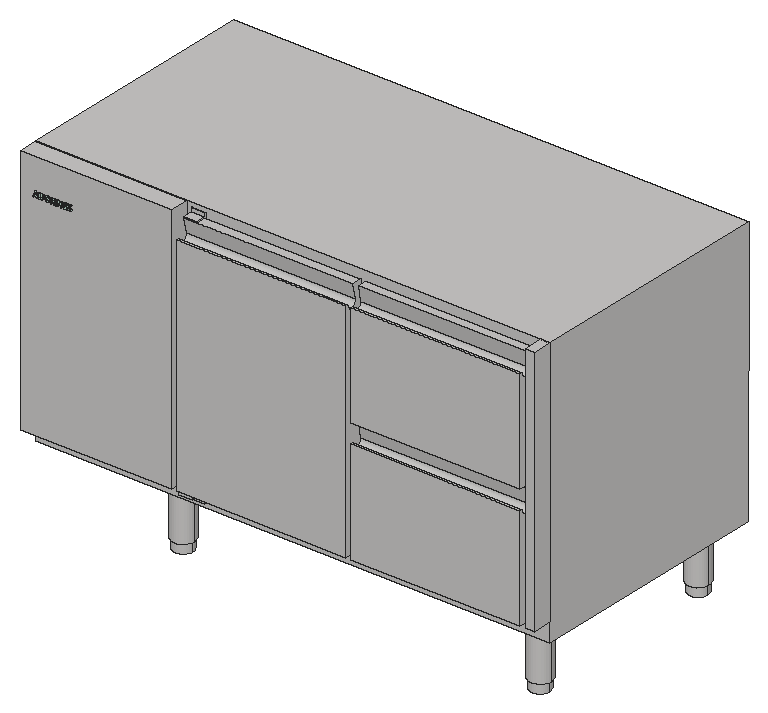
Revit family "QF_ALPENINOX_712197_AK2F7AB", category Specialty Equipment, Revit 2018
Family settings
  Round Connector Dimension = Use Diameter
  Part Type = Normal
  Work Plane-Based = No
  Always vertical = Yes
  Cut with Voids When Loaded = No
  Shared = No
  Room Calculation Point = No
Parameters
  Weight = 0.00 kg
  Watts = 45.5225 W
  Volts = 220 V
  URL Manufacturer = "http://www.alpeninox.com"
  URL = "http://www.alpeninox.com"
  Steam Supply Size = 0 mm
  Steam Supply Minimum Pressure = 0.0 Pa
  Steam Supply Maximum Pressure = 0.0 Pa
  Steam Pounds per Hour = 0
  Refrigeration Suction Line Size = 0 mm
  Refrigeration Liquid Line Size = 0 mm
  Refrigerant Compressor Remote = yes
  Manufacturer = "Alpeninox"
  Phase = 1
  Model = "AK2F7AB"
  Length Actual = 1341 mm  # constant formula
  Length = 1341 mm
  Item Number = "712197"
  Hot Water Size = 0 mm
  Height Actual = 850 mm  # constant formula
  Height = 700 mm
  HP = "0.7 HP"
  Gas Size = 0 mm
  Gas KW = 0
  Gas Input Pressure = 0 W
  Depth Actual = 700 mm  # constant formula
  Depth = 695 mm
  Description = "1 DOOR+2x½ DRAWER FREEZER TABLE -20C NO TOP"
  Cycle = 50 Hz
  Condensate Return Size = 0 mm
  Compressed Air Volume = 0.0 L/s
  Compressed Air Size = 0 mm
  Compressed Air Pressure = 0.0 Pa
  Cold Water Size = 0 mm
  Accessory = yes
Reference planes
  plane 1: z = 0
  plane 2 "Center (Left/Right)": x = -126.5
  plane 3 "Center (Front/Back)": y = 64.5
  plane 4 "FEET": z = 150
  plane 5 "TOP": z = 900
  plane 6 "PLAIN": z = 850
  plane 7 "EI_back": y = 359
  plane 8 "EI_left": x = -731
  plane 9 "BACK": y = 412
  plane 10 "FRONT": y = -283
  plane 11 "DOOR": y = -233
  plane 12 "LEFT": x = -797
  plane 13 "RIGHT": x = 544
  plane 14: x = -772
  plane 15: x = 519
Forms (mm)
  Extrusion 1, solid, material "QF_Finishes_Stainless Steel"
    sketch origin (-1022.223, -1524, 150) x (-1, 0, 0) y (0, -1, 0)
      loop
        circle (-291.223, -1883) r 5
    from 0 to -40
  Extrusion 2, solid, material "QF_Finishes_Stainless Steel"
    sketch origin (-1022.223, -1524, 150) x (-1, 0, 0) y (0, -1, 0)
      loop
        line (-1541.223, -1291) -> (-1541.223, -1241) -> (-1566.223, -1241) -> (-1566.223, -1291) -> (-1541.223, -1291)
    from 48 to 700 <- "Height"
  Extrusion 3, solid, material "QF_Finishes_Stainless Steel"
    sketch origin (-1022.223, -1524, 150) x (-1, 0, 0) y (0, -1, 0)
      loop
        line (-225.223, -1936) -> (-225.223, -1291) -> (-1566.223, -1291) -> (-1566.223, -1936) -> (-225.223, -1936)
    from 0 to 700 <- "Height"
Lines and regions (mm)
  symbolic lines, style "SpecialityEquipmentHiddenLines"
    curve 1: line (-797, 412, 150) -> (544, 412, 150)
    curve 2: line (-797, -283, 150) -> (-797, 412, 150)
    curve 3: line (544, -283, 150) -> (-797, -283, 150)
    curve 4: line (544, 412, 150) -> (544, -283, 150)
    curve 5: line (-797, -233, 150) -> (544, -233, 150)
    curve 6: line (519, -283, 150) -> (519, -233, 150)
Dimensions and locks
  plane 4 "FEET" to level = 150 mm
  plane 11 "DOOR" to plane 10 "FRONT" = 50 mm
  "Height": plane 6 "PLAIN" to plane 4 "FEET"
  plane 5 "TOP" to plane 6 "PLAIN" = 50 mm
  plane 12 "LEFT" to plane 14 = 25 mm
  plane 15 to plane 13 "RIGHT" = 25 mm
  plane 9 "BACK" to plane 7 "EI_back" = 53 mm
  plane 12 "LEFT" to plane 8 "EI_left" = 66 mm
  "Length": plane 12 "LEFT" to plane 13 "RIGHT"
  equal spacing: plane 12 "LEFT", plane 2 "Center (Left/Right)", plane 13 "RIGHT"
  "Depth": plane 9 "BACK" to plane 10 "FRONT"
  equal spacing: plane 9 "BACK", plane 3 "Center (Front/Back)", plane 10 "FRONT"
  aligned and locked: level to plane 1
Automatic sketch dimensions
  Extrusion 1 sketch curve to plane 7 "EI_back" = 0 mm
  Extrusion 1 sketch curve to plane 8 "EI_left" = 0 mm
  Extrusion 2 sketch curve to plane 11 "DOOR" = 0 mm
  Extrusion 2 sketch curve to plane 13 "RIGHT" = 0 mm
  Extrusion 2 sketch curve to plane 10 "FRONT" = 0 mm
  Extrusion 2 sketch curve to plane 15 = 0 mm
  Extrusion 3 sketch curve to plane 9 "BACK" = 0 mm
  Extrusion 3 sketch curve to plane 13 "RIGHT" = 0 mm
  Extrusion 3 sketch curve to plane 11 "DOOR" = 0 mm
  Extrusion 3 sketch curve to plane 12 "LEFT" = 0 mm
  curve 1 to plane 13 "RIGHT" = 0 mm
  curve 6 to plane 10 "FRONT" = 0 mm
  curve 6 to plane 15 = 0 mm
  curve 5 to plane 12 "LEFT" = 0 mm
  curve 6 to plane 11 "DOOR" = 0 mm
  curve 1 to plane 9 "BACK" = 0 mm
  radius of Extrusion 1 sketch curve = 5 mm
Nested families
  nested 1: "Freezer" at (544, -283, 0), type "Freezer"
  nested 2: "FEET" at (-452, 331, 0), type "FEET"
  nested 3: "FEET" at (478, 331, 0), type "FEET"
  nested 4: "FEET" at (-452, -183, 0), type "FEET"
  nested 5: "FEET" at (478, -183, 0), type "FEET"
  nested 6: "APX_BI_BT_L" at (-590.08, -233, 598) x (1, 0, 0) z (0, -1, 0), type "APX_BI_BT_L"
    with Show Logo yes
  nested 7: "APX_SD_L" at (-169, -233, 512) x (1, 0, 0) z (0, -1, 0), type "APX_SD_L"
    with Show Clearance yes
  nested 8: "APX_HALF" at (285, -233, 512) x (1, 0, 0) z (0, -1, 0), type "APX_HALF"
    with Show Clearance yes
Connectors
  electrical at (-731, 359, 110), driven by "Volts"
    settings: on Extrusion 1, index 1, voltage 220 V, apparent load 0 VA, apparent load phase1 0 VA, apparent load phase2 0 VA, apparent load phase3 0 VA, power factor 1, load classification "Other", number of poles 1, system type 31, power factor state 1, is connector primary yes, connector utility no, sub classification motor no, connector description "Electrical Connection"
Definition of nested family "FEET"
  Parameters
    FEET = 150 mm
  Reference planes
    plane 1 "Center (Front/Back)": y = 0
    plane 2: z = 0
    plane 3 "Center (Left/Right)": x = 0
    plane 4: z = 150
  Forms (mm)
    Revolve 1, solid
      sketch origin (255.05, 0, 608.09) x (0, 0, 1) y (-1, 0, 0)
        loop
          line (-608.09, 255.05) -> (-608.09, 230.05) -> (-583.09, 230.05) -> (-583.09, 226.05) -> (-458.09, 226.05) -> (-458.09, 255.05) -> (-608.09, 255.05)
        axis (-608.09, 255.05) -> (-458.09, 255.05)
      angle from 0 to 360
  Dimensions and locks
    locked: Revolve 1 sketch curve to Revolve 1 sketch curve at 125
    "FEET": plane 4 to plane 2
    aligned and locked: level to plane 2
    aligned and locked: plane 4 to Revolve 1 sketch curve
    aligned and locked: Revolve 1 sketch curve to level
    aligned and locked: plane 3 "Center (Left/Right)" to Revolve 1 sketch curve
  Automatic sketch dimensions
    Revolve 1 sketch curve to plane 3 "Center (Left/Right)" = 0 mm
    Revolve 1 sketch curve to Revolve 1 sketch curve = 25 mm
    Revolve 1 sketch curve to Revolve 1 sketch curve = 29 mm
    plane 4 to Revolve 1 sketch curve = 50 mm
    Revolve 1 sketch curve to Revolve 1 sketch curve = 20 mm
Definition of nested family "APX_BI_BT_L"
  Parameters
    Show Logo [instance] = yes
    Default Elevation = 1219.2 mm
  Reference planes
    plane 1 "Center (Front/Back)": y = -74
    plane 2: z = 0
    plane 3 "Center (Left/Right)": x = -9.92
    plane 4: x = -206.92
    plane 5: x = 187.08
    plane 6: y = 252
    plane 7: y = -400
  Forms (mm)
    Extrusion 1, solid
      sketch origin (0, 0, 0) x (1, 0, 0) y (0, 1, 0)
        loop
          line (-1219.2, 1219.2) -> (-1219.2, -1219.2) -> (1219.2, -1219.2) -> (1219.2, 1219.2) -> (-1219.2, 1219.2)
      from 0 to -304.8
    Extrusion 2, solid
      sketch origin (0, 0, 0) x (1, 0, 0) y (0, 1, 0)
        loop
          line (-206.92, 252) -> (-206.92, -400) -> (187.08, -400) -> (187.08, 252) -> (-206.92, 252)
      from 0 to 50
    Extrusion 3, solid, not visible
      sketch origin (0, 0, 0) x (1, 0, 0) y (0, 1, 0)
        loop
          line (-206.92, 252) -> (-206.92, -400) -> (87.08, -400) -> (87.08, 252) -> (-206.92, 252)
      from 0 to 50
    Extrusion 4, solid
      sketch origin (0, -0.336, 0) x (1, 0, 0) y (0, 1, 0)
        loop
          line (-168.675, 170.349) -> (-172.411, 160.318)
          arc (-172.411, 160.318) -> (-171.624, 158.497) -> (-169.837, 159.36) r 1.374
          line (-169.837, 159.36) -> (-169.268, 161.111) -> (-164.1, 161.111) -> (-163.54, 159.379)
          arc (-163.54, 159.379) -> (-161.802, 158.542) -> (-161.049, 160.318) r 1.333
          line (-161.049, 160.318) -> (-164.694, 170.349)
          arc (-164.694, 170.349) -> (-166.685, 171.876) -> (-168.675, 170.349) r 2.06
        loop
          line (-166.681, 169.055) -> (-168.469, 163.655) -> (-164.935, 163.655) -> (-166.681, 169.055)
        loop
          arc (-159.705, 160.042) -> (-159.262, 158.973) -> (-158.194, 158.531) r 1.512
          line (-158.194, 158.531) -> (-153.608, 158.531)
          arc (-153.608, 158.531) -> (-152.337, 159.802) -> (-153.608, 161.074) r 1.272
          line (-153.608, 161.074) -> (-156.917, 161.074) -> (-156.917, 170.328)
          arc (-156.917, 170.328) -> (-158.311, 171.722) -> (-159.705, 170.328) r 1.394
          line (-159.705, 170.328) -> (-159.705, 160.042)
        loop
          line (-151.076, 170.218) -> (-151.076, 159.859)
          arc (-151.076, 159.859) -> (-149.683, 158.466) -> (-148.29, 159.859) r 1.393
          line (-148.29, 159.859) -> (-148.29, 162.882) -> (-146.225, 162.882)
          arc (-146.225, 162.882) -> (-142.999, 163.859) -> (-141.608, 166.928) r 4.082
          arc (-141.608, 166.928) -> (-142.993, 170.272) -> (-146.336, 171.657) r 4.728
          line (-146.336, 171.657) -> (-149.638, 171.657)
          arc (-149.638, 171.657) -> (-150.655, 171.235) -> (-151.076, 170.218) r 1.439
        loop
          line (-148.29, 165.313) -> (-146.388, 165.313)
          arc (-146.388, 165.313) -> (-144.433, 167.268) -> (-146.388, 169.222) r 1.955
          line (-146.388, 169.222) -> (-148.29, 169.222) -> (-148.29, 165.313)
        loop
          arc (-131.184, 166.332) -> (-132.004, 168.2) -> (-133.767, 169.228) r 3.3
          arc (-133.767, 169.228) -> (-136.353, 168.661) -> (-137.611, 166.332) r 3.176
          line (-137.611, 166.332) -> (-131.184, 166.332)
        loop
          line (-137.538, 163.743) -> (-130.544, 163.743)
          arc (-130.544, 163.743) -> (-129.292, 163.916) -> (-128.301, 164.701) r 2.4
          arc (-128.301, 164.701) -> (-128.155, 165.545) -> (-128.212, 166.399) r 3.635
          arc (-128.212, 166.399) -> (-130.364, 170.162) -> (-134.39, 171.769) r 6.579
          arc (-134.39, 171.769) -> (-138.918, 169.706) -> (-140.661, 165.044) r 6.501
          arc (-140.661, 165.044) -> (-139.276, 160.789) -> (-135.401, 158.549) r 6.252
          arc (-135.401, 158.549) -> (-132.922, 158.526) -> (-130.544, 159.232) r 8.361
          arc (-130.544, 159.232) -> (-129.466, 159.781) -> (-128.641, 160.666) r 3.486
          arc (-128.641, 160.666) -> (-128.419, 161.592) -> (-128.828, 162.451) r 1.425
          arc (-128.828, 162.451) -> (-129.368, 162.762) -> (-129.99, 162.762) r 1.203
          arc (-129.99, 162.762) -> (-130.406, 162.59) -> (-130.764, 162.316) r 1.724
          arc (-130.764, 162.316) -> (-131.666, 161.705) -> (-132.646, 161.229) r 7.6
          arc (-132.646, 161.229) -> (-135.676, 161.35) -> (-137.538, 163.743) r 3.6
        loop
          line (-126.669, 170.328) -> (-126.669, 159.859)
          arc (-126.669, 159.859) -> (-125.273, 158.463) -> (-123.878, 159.859) r 1.396
          line (-123.878, 159.859) -> (-123.878, 166.785) -> (-117.946, 159.029)
          arc (-117.946, 159.029) -> (-116.361, 158.51) -> (-115.379, 159.859) r 1.417
          line (-115.379, 159.859) -> (-115.379, 170.328)
          arc (-115.379, 170.328) -> (-116.774, 171.723) -> (-118.169, 170.328) r 1.395
          line (-118.169, 170.328) -> (-118.169, 163.311) -> (-124.101, 171.157)
          arc (-124.101, 171.157) -> (-125.687, 171.678) -> (-126.669, 170.328) r 1.418
        loop
          arc (-113.636, 159.859) -> (-112.241, 158.464) -> (-110.847, 159.859) r 1.394
          line (-110.847, 159.859) -> (-110.847, 170.328)
          arc (-110.847, 170.328) -> (-112.241, 171.723) -> (-113.636, 170.328) r 1.394
          line (-113.636, 170.328) -> (-113.636, 159.859)
        loop
          line (-109.102, 170.328) -> (-109.102, 159.859)
          arc (-109.102, 159.859) -> (-107.706, 158.463) -> (-106.31, 159.859) r 1.396
          line (-106.31, 159.859) -> (-106.31, 166.785) -> (-100.378, 159.029)
          arc (-100.378, 159.029) -> (-98.793, 158.51) -> (-97.812, 159.859) r 1.417
          line (-97.812, 159.859) -> (-97.812, 170.328)
          arc (-97.812, 170.328) -> (-99.207, 171.723) -> (-100.602, 170.328) r 1.395
          line (-100.602, 170.328) -> (-100.602, 163.311) -> (-106.533, 171.157)
          arc (-106.533, 171.157) -> (-108.119, 171.678) -> (-109.102, 170.328) r 1.418
        loop
          arc (-96.345, 165.093) -> (-95.619, 161.877) -> (-93.467, 159.379) r 6.806
          arc (-93.467, 159.379) -> (-91.792, 158.566) -> (-89.948, 158.31) r 5.956
          arc (-89.948, 158.31) -> (-88.104, 158.566) -> (-86.43, 159.379) r 5.956
          arc (-86.43, 159.379) -> (-84.277, 161.877) -> (-83.551, 165.093) r 6.806
          arc (-83.551, 165.093) -> (-84.277, 168.31) -> (-86.43, 170.808) r 6.806
          arc (-86.43, 170.808) -> (-88.104, 171.621) -> (-89.948, 171.877) r 5.956
          arc (-89.948, 171.877) -> (-91.792, 171.621) -> (-93.467, 170.808) r 5.956
          arc (-93.467, 170.808) -> (-95.619, 168.31) -> (-96.345, 165.093) r 6.806
        loop
          arc (-93.425, 165.093) -> (-93.138, 163.212) -> (-92.081, 161.629) r 4.387
          arc (-92.081, 161.629) -> (-91.087, 161.049) -> (-89.948, 160.881) r 3.035
          arc (-89.948, 160.881) -> (-88.809, 161.049) -> (-87.815, 161.629) r 3.035
          arc (-87.815, 161.629) -> (-86.759, 163.212) -> (-86.472, 165.093) r 4.387
          arc (-86.472, 165.093) -> (-86.759, 166.975) -> (-87.815, 168.558) r 4.387
          arc (-87.815, 168.558) -> (-88.809, 169.138) -> (-89.948, 169.306) r 3.035
          arc (-89.948, 169.306) -> (-91.087, 169.138) -> (-92.081, 168.558) r 3.035
          arc (-92.081, 168.558) -> (-93.138, 166.975) -> (-93.425, 165.093) r 4.387
        loop
          line (-83.139, 169.609) -> (-80.126, 165.552) -> (-83.81, 160.652)
          arc (-83.81, 160.652) -> (-83.512, 158.692) -> (-81.559, 159.029) r 1.388
          line (-81.559, 159.029) -> (-78.51, 163.232) -> (-75.461, 159.029)
          arc (-75.461, 159.029) -> (-73.507, 158.692) -> (-73.21, 160.652) r 1.388
          line (-73.21, 160.652) -> (-76.894, 165.552) -> (-73.881, 169.609)
          arc (-73.881, 169.609) -> (-74.249, 171.597) -> (-76.205, 171.084) r 1.38
          line (-76.205, 171.084) -> (-78.51, 167.841) -> (-80.815, 171.084)
          arc (-80.815, 171.084) -> (-82.771, 171.597) -> (-83.139, 169.609) r 1.38
      from 50 to 51.6
  Lines and regions (mm)
    Split face 1
      outline origin (-138, 0, 50) x (1, 0, 0) y (0, 1, 0)
        loop
          line (94.58, 177) -> (94.58, 154) -> (164.58, 154) -> (164.58, 177) -> (94.58, 177)
    Split face 2
      outline origin (-138, 0, 50) x (1, 0, 0) y (0, 1, 0)
        loop
          line (144.58, 174) -> (144.58, 157) -> (161.58, 157) -> (161.58, 174) -> (144.58, 174)
    Split face 3
      outline origin (0, 0, 50) x (1, 0, 0) y (0, 1, 0)
        loop
          line (-206.92, 188) -> (187.08, 188)
    Split face 4
      outline origin (-5, 0, 50) x (1, 0, 0) y (0, 1, 0)
        loop
          arc (-163.464, 131.824) -> (-167.464, 127.824) -> (-163.464, 123.824) r 4
          line (-163.464, 123.824) -> (-121.464, 123.824)
          arc (-121.464, 123.824) -> (-117.464, 127.824) -> (-121.464, 131.824) r 4
          line (-121.464, 131.824) -> (-163.464, 131.824)
    Split face 5
      outline origin (325, 0, 50) x (1, 0, 0) y (0, 1, 0)
        loop
          arc (-328.464, 131.824) -> (-332.464, 127.824) -> (-328.464, 123.824) r 4
          line (-328.464, 123.824) -> (-286.464, 123.824)
          arc (-286.464, 123.824) -> (-282.464, 127.824) -> (-286.464, 131.824) r 4
          line (-286.464, 131.824) -> (-328.464, 131.824)
    Split face 6
      outline origin (105, 0, 50) x (1, 0, 0) y (0, 1, 0)
        loop
          arc (-218.464, 131.824) -> (-222.464, 127.824) -> (-218.464, 123.824) r 4
          line (-218.464, 123.824) -> (-176.464, 123.824)
          arc (-176.464, 123.824) -> (-172.464, 127.824) -> (-176.464, 131.824) r 4
          line (-176.464, 131.824) -> (-218.464, 131.824)
    Split face 7
      outline origin (215, 0, 50) x (1, 0, 0) y (0, 1, 0)
        loop
          arc (-273.464, 131.824) -> (-277.464, 127.824) -> (-273.464, 123.824) r 4
          line (-273.464, 123.824) -> (-231.464, 123.824)
          arc (-231.464, 123.824) -> (-227.464, 127.824) -> (-231.464, 131.824) r 4
          line (-231.464, 131.824) -> (-273.464, 131.824)
    Split face 8, not visible
      outline origin (0, 0, 50) x (1, 0, 0) y (0, 1, 0)
        loop
          arc (-163.464, 131.824) -> (-167.464, 127.824) -> (-163.464, 123.824) r 4
          line (-163.464, 123.824) -> (-121.464, 123.824)
          arc (-121.464, 123.824) -> (-117.464, 127.824) -> (-121.464, 131.824) r 4
          line (-121.464, 131.824) -> (-163.464, 131.824)
    Split face 9
      outline origin (-5, -24, 50) x (1, 0, 0) y (0, 1, 0)
        loop
          arc (-163.464, 143.824) -> (-167.464, 139.824) -> (-163.464, 135.824) r 4
          line (-163.464, 135.824) -> (-121.464, 135.824)
          arc (-121.464, 135.824) -> (-117.464, 139.824) -> (-121.464, 143.824) r 4
          line (-121.464, 143.824) -> (-163.464, 143.824)
    Split face 10
      outline origin (325, -24, 50) x (1, 0, 0) y (0, 1, 0)
        loop
          arc (-328.464, 143.824) -> (-332.464, 139.824) -> (-328.464, 135.824) r 4
          line (-328.464, 135.824) -> (-286.464, 135.824)
          arc (-286.464, 135.824) -> (-282.464, 139.824) -> (-286.464, 143.824) r 4
          line (-286.464, 143.824) -> (-328.464, 143.824)
    Split face 11
      outline origin (105, -24, 50) x (1, 0, 0) y (0, 1, 0)
        loop
          arc (-218.464, 143.824) -> (-222.464, 139.824) -> (-218.464, 135.824) r 4
          line (-218.464, 135.824) -> (-176.464, 135.824)
          arc (-176.464, 135.824) -> (-172.464, 139.824) -> (-176.464, 143.824) r 4
          line (-176.464, 143.824) -> (-218.464, 143.824)
    Split face 12
      outline origin (215, -24, 50) x (1, 0, 0) y (0, 1, 0)
        loop
          arc (-273.464, 143.824) -> (-277.464, 139.824) -> (-273.464, 135.824) r 4
          line (-273.464, 135.824) -> (-231.464, 135.824)
          arc (-231.464, 135.824) -> (-227.464, 139.824) -> (-231.464, 143.824) r 4
          line (-231.464, 143.824) -> (-273.464, 143.824)
    Split face 13
      outline origin (-5, -48, 50) x (1, 0, 0) y (0, 1, 0)
        loop
          arc (-163.464, 155.824) -> (-167.464, 151.824) -> (-163.464, 147.824) r 4
          line (-163.464, 147.824) -> (-121.464, 147.824)
          arc (-121.464, 147.824) -> (-117.464, 151.824) -> (-121.464, 155.824) r 4
          line (-121.464, 155.824) -> (-163.464, 155.824)
    Split face 14
      outline origin (325, -48, 50) x (1, 0, 0) y (0, 1, 0)
        loop
          arc (-328.464, 155.824) -> (-332.464, 151.824) -> (-328.464, 147.824) r 4
          line (-328.464, 147.824) -> (-286.464, 147.824)
          arc (-286.464, 147.824) -> (-282.464, 151.824) -> (-286.464, 155.824) r 4
          line (-286.464, 155.824) -> (-328.464, 155.824)
    Split face 15
      outline origin (105, -48, 50) x (1, 0, 0) y (0, 1, 0)
        loop
          arc (-218.464, 155.824) -> (-222.464, 151.824) -> (-218.464, 147.824) r 4
          line (-218.464, 147.824) -> (-176.464, 147.824)
          arc (-176.464, 147.824) -> (-172.464, 151.824) -> (-176.464, 155.824) r 4
          line (-176.464, 155.824) -> (-218.464, 155.824)
    Split face 16
      outline origin (215, -48, 50) x (1, 0, 0) y (0, 1, 0)
        loop
          arc (-273.464, 155.824) -> (-277.464, 151.824) -> (-273.464, 147.824) r 4
          line (-273.464, 147.824) -> (-231.464, 147.824)
          arc (-231.464, 147.824) -> (-227.464, 151.824) -> (-231.464, 155.824) r 4
          line (-231.464, 155.824) -> (-273.464, 155.824)
    Split face 17
      outline origin (-5, -72, 50) x (1, 0, 0) y (0, 1, 0)
        loop
          arc (-163.464, 167.824) -> (-167.464, 163.824) -> (-163.464, 159.824) r 4
          line (-163.464, 159.824) -> (-121.464, 159.824)
          arc (-121.464, 159.824) -> (-117.464, 163.824) -> (-121.464, 167.824) r 4
          line (-121.464, 167.824) -> (-163.464, 167.824)
    Split face 18
      outline origin (325, -72, 50) x (1, 0, 0) y (0, 1, 0)
        loop
          arc (-328.464, 167.824) -> (-332.464, 163.824) -> (-328.464, 159.824) r 4
          line (-328.464, 159.824) -> (-286.464, 159.824)
          arc (-286.464, 159.824) -> (-282.464, 163.824) -> (-286.464, 167.824) r 4
          line (-286.464, 167.824) -> (-328.464, 167.824)
    Split face 19
      outline origin (105, -72, 50) x (1, 0, 0) y (0, 1, 0)
        loop
          arc (-218.464, 167.824) -> (-222.464, 163.824) -> (-218.464, 159.824) r 4
          line (-218.464, 159.824) -> (-176.464, 159.824)
          arc (-176.464, 159.824) -> (-172.464, 163.824) -> (-176.464, 167.824) r 4
          line (-176.464, 167.824) -> (-218.464, 167.824)
    Split face 20
      outline origin (215, -72, 50) x (1, 0, 0) y (0, 1, 0)
        loop
          arc (-273.464, 167.824) -> (-277.464, 163.824) -> (-273.464, 159.824) r 4
          line (-273.464, 159.824) -> (-231.464, 159.824)
          arc (-231.464, 159.824) -> (-227.464, 163.824) -> (-231.464, 167.824) r 4
          line (-231.464, 167.824) -> (-273.464, 167.824)
    Split face 21
      outline origin (-5, -96, 50) x (1, 0, 0) y (0, 1, 0)
        loop
          arc (-163.464, 179.824) -> (-167.464, 175.824) -> (-163.464, 171.824) r 4
          line (-163.464, 171.824) -> (-121.464, 171.824)
          arc (-121.464, 171.824) -> (-117.464, 175.824) -> (-121.464, 179.824) r 4
          line (-121.464, 179.824) -> (-163.464, 179.824)
    Split face 22
      outline origin (325, -96, 50) x (1, 0, 0) y (0, 1, 0)
        loop
          arc (-328.464, 179.824) -> (-332.464, 175.824) -> (-328.464, 171.824) r 4
          line (-328.464, 171.824) -> (-286.464, 171.824)
          arc (-286.464, 171.824) -> (-282.464, 175.824) -> (-286.464, 179.824) r 4
          line (-286.464, 179.824) -> (-328.464, 179.824)
    Split face 23
      outline origin (105, -96, 50) x (1, 0, 0) y (0, 1, 0)
        loop
          arc (-218.464, 179.824) -> (-222.464, 175.824) -> (-218.464, 171.824) r 4
          line (-218.464, 171.824) -> (-176.464, 171.824)
          arc (-176.464, 171.824) -> (-172.464, 175.824) -> (-176.464, 179.824) r 4
          line (-176.464, 179.824) -> (-218.464, 179.824)
    Split face 24
      outline origin (215, -96, 50) x (1, 0, 0) y (0, 1, 0)
        loop
          arc (-273.464, 179.824) -> (-277.464, 175.824) -> (-273.464, 171.824) r 4
          line (-273.464, 171.824) -> (-231.464, 171.824)
          arc (-231.464, 171.824) -> (-227.464, 175.824) -> (-231.464, 179.824) r 4
          line (-231.464, 179.824) -> (-273.464, 179.824)
    Split face 25
      outline origin (-5, -120, 50) x (1, 0, 0) y (0, 1, 0)
        loop
          arc (-163.464, 191.824) -> (-167.464, 187.824) -> (-163.464, 183.824) r 4
          line (-163.464, 183.824) -> (-121.464, 183.824)
          arc (-121.464, 183.824) -> (-117.464, 187.824) -> (-121.464, 191.824) r 4
          line (-121.464, 191.824) -> (-163.464, 191.824)
    Split face 26
      outline origin (325, -120, 50) x (1, 0, 0) y (0, 1, 0)
        loop
          arc (-328.464, 191.824) -> (-332.464, 187.824) -> (-328.464, 183.824) r 4
          line (-328.464, 183.824) -> (-286.464, 183.824)
          arc (-286.464, 183.824) -> (-282.464, 187.824) -> (-286.464, 191.824) r 4
          line (-286.464, 191.824) -> (-328.464, 191.824)
    Split face 27
      outline origin (105, -120, 50) x (1, 0, 0) y (0, 1, 0)
        loop
          arc (-218.464, 191.824) -> (-222.464, 187.824) -> (-218.464, 183.824) r 4
          line (-218.464, 183.824) -> (-176.464, 183.824)
          arc (-176.464, 183.824) -> (-172.464, 187.824) -> (-176.464, 191.824) r 4
          line (-176.464, 191.824) -> (-218.464, 191.824)
    Split face 28
      outline origin (215, -120, 50) x (1, 0, 0) y (0, 1, 0)
        loop
          arc (-273.464, 191.824) -> (-277.464, 187.824) -> (-273.464, 183.824) r 4
          line (-273.464, 183.824) -> (-231.464, 183.824)
          arc (-231.464, 183.824) -> (-227.464, 187.824) -> (-231.464, 191.824) r 4
          line (-231.464, 191.824) -> (-273.464, 191.824)
    Split face 29
      outline origin (-5, -144, 50) x (1, 0, 0) y (0, 1, 0)
        loop
          arc (-163.464, 203.824) -> (-167.464, 199.824) -> (-163.464, 195.824) r 4
          line (-163.464, 195.824) -> (-121.464, 195.824)
          arc (-121.464, 195.824) -> (-117.464, 199.824) -> (-121.464, 203.824) r 4
          line (-121.464, 203.824) -> (-163.464, 203.824)
    Split face 30
      outline origin (325, -144, 50) x (1, 0, 0) y (0, 1, 0)
        loop
          arc (-328.464, 203.824) -> (-332.464, 199.824) -> (-328.464, 195.824) r 4
          line (-328.464, 195.824) -> (-286.464, 195.824)
          arc (-286.464, 195.824) -> (-282.464, 199.824) -> (-286.464, 203.824) r 4
          line (-286.464, 203.824) -> (-328.464, 203.824)
    Split face 31
      outline origin (105, -144, 50) x (1, 0, 0) y (0, 1, 0)
        loop
          arc (-218.464, 203.824) -> (-222.464, 199.824) -> (-218.464, 195.824) r 4
          line (-218.464, 195.824) -> (-176.464, 195.824)
          arc (-176.464, 195.824) -> (-172.464, 199.824) -> (-176.464, 203.824) r 4
          line (-176.464, 203.824) -> (-218.464, 203.824)
    Split face 32
      outline origin (215, -144, 50) x (1, 0, 0) y (0, 1, 0)
        loop
          arc (-273.464, 203.824) -> (-277.464, 199.824) -> (-273.464, 195.824) r 4
          line (-273.464, 195.824) -> (-231.464, 195.824)
          arc (-231.464, 195.824) -> (-227.464, 199.824) -> (-231.464, 203.824) r 4
          line (-231.464, 203.824) -> (-273.464, 203.824)
    Split face 33
      outline origin (-5, -168, 50) x (1, 0, 0) y (0, 1, 0)
        loop
          arc (-163.464, 215.824) -> (-167.464, 211.824) -> (-163.464, 207.824) r 4
          line (-163.464, 207.824) -> (-121.464, 207.824)
          arc (-121.464, 207.824) -> (-117.464, 211.824) -> (-121.464, 215.824) r 4
          line (-121.464, 215.824) -> (-163.464, 215.824)
    Split face 34
      outline origin (325, -168, 50) x (1, 0, 0) y (0, 1, 0)
        loop
          arc (-328.464, 215.824) -> (-332.464, 211.824) -> (-328.464, 207.824) r 4
          line (-328.464, 207.824) -> (-286.464, 207.824)
          arc (-286.464, 207.824) -> (-282.464, 211.824) -> (-286.464, 215.824) r 4
          line (-286.464, 215.824) -> (-328.464, 215.824)
    Split face 35
      outline origin (105, -168, 50) x (1, 0, 0) y (0, 1, 0)
        loop
          arc (-218.464, 215.824) -> (-222.464, 211.824) -> (-218.464, 207.824) r 4
          line (-218.464, 207.824) -> (-176.464, 207.824)
          arc (-176.464, 207.824) -> (-172.464, 211.824) -> (-176.464, 215.824) r 4
          line (-176.464, 215.824) -> (-218.464, 215.824)
    Split face 36
      outline origin (215, -168, 50) x (1, 0, 0) y (0, 1, 0)
        loop
          arc (-273.464, 215.824) -> (-277.464, 211.824) -> (-273.464, 207.824) r 4
          line (-273.464, 207.824) -> (-231.464, 207.824)
          arc (-231.464, 207.824) -> (-227.464, 211.824) -> (-231.464, 215.824) r 4
          line (-231.464, 215.824) -> (-273.464, 215.824)
    Split face 37
      outline origin (-5, -192, 50) x (1, 0, 0) y (0, 1, 0)
        loop
          arc (-163.464, 227.824) -> (-167.464, 223.824) -> (-163.464, 219.824) r 4
          line (-163.464, 219.824) -> (-121.464, 219.824)
          arc (-121.464, 219.824) -> (-117.464, 223.824) -> (-121.464, 227.824) r 4
          line (-121.464, 227.824) -> (-163.464, 227.824)
    Split face 38
      outline origin (325, -192, 50) x (1, 0, 0) y (0, 1, 0)
        loop
          arc (-328.464, 227.824) -> (-332.464, 223.824) -> (-328.464, 219.824) r 4
          line (-328.464, 219.824) -> (-286.464, 219.824)
          arc (-286.464, 219.824) -> (-282.464, 223.824) -> (-286.464, 227.824) r 4
          line (-286.464, 227.824) -> (-328.464, 227.824)
    Split face 39
      outline origin (105, -192, 50) x (1, 0, 0) y (0, 1, 0)
        loop
          arc (-218.464, 227.824) -> (-222.464, 223.824) -> (-218.464, 219.824) r 4
          line (-218.464, 219.824) -> (-176.464, 219.824)
          arc (-176.464, 219.824) -> (-172.464, 223.824) -> (-176.464, 227.824) r 4
          line (-176.464, 227.824) -> (-218.464, 227.824)
    Split face 40
      outline origin (215, -192, 50) x (1, 0, 0) y (0, 1, 0)
        loop
          arc (-273.464, 227.824) -> (-277.464, 223.824) -> (-273.464, 219.824) r 4
          line (-273.464, 219.824) -> (-231.464, 219.824)
          arc (-231.464, 219.824) -> (-227.464, 223.824) -> (-231.464, 227.824) r 4
          line (-231.464, 227.824) -> (-273.464, 227.824)
    Split face 41
      outline origin (-5, -216, 50) x (1, 0, 0) y (0, 1, 0)
        loop
          arc (-163.464, 239.824) -> (-167.464, 235.824) -> (-163.464, 231.824) r 4
          line (-163.464, 231.824) -> (-121.464, 231.824)
          arc (-121.464, 231.824) -> (-117.464, 235.824) -> (-121.464, 239.824) r 4
          line (-121.464, 239.824) -> (-163.464, 239.824)
    Split face 42
      outline origin (325, -216, 50) x (1, 0, 0) y (0, 1, 0)
        loop
          arc (-328.464, 239.824) -> (-332.464, 235.824) -> (-328.464, 231.824) r 4
          line (-328.464, 231.824) -> (-286.464, 231.824)
          arc (-286.464, 231.824) -> (-282.464, 235.824) -> (-286.464, 239.824) r 4
          line (-286.464, 239.824) -> (-328.464, 239.824)
    Split face 43
      outline origin (105, -216, 50) x (1, 0, 0) y (0, 1, 0)
        loop
          arc (-218.464, 239.824) -> (-222.464, 235.824) -> (-218.464, 231.824) r 4
          line (-218.464, 231.824) -> (-176.464, 231.824)
          arc (-176.464, 231.824) -> (-172.464, 235.824) -> (-176.464, 239.824) r 4
          line (-176.464, 239.824) -> (-218.464, 239.824)
    Split face 44
      outline origin (215, -216, 50) x (1, 0, 0) y (0, 1, 0)
        loop
          arc (-273.464, 239.824) -> (-277.464, 235.824) -> (-273.464, 231.824) r 4
          line (-273.464, 231.824) -> (-231.464, 231.824)
          arc (-231.464, 231.824) -> (-227.464, 235.824) -> (-231.464, 239.824) r 4
          line (-231.464, 239.824) -> (-273.464, 239.824)
    Split face 45
      outline origin (-5, -240, 50) x (1, 0, 0) y (0, 1, 0)
        loop
          arc (-163.464, 251.824) -> (-167.464, 247.824) -> (-163.464, 243.824) r 4
          line (-163.464, 243.824) -> (-121.464, 243.824)
          arc (-121.464, 243.824) -> (-117.464, 247.824) -> (-121.464, 251.824) r 4
          line (-121.464, 251.824) -> (-163.464, 251.824)
    Split face 46
      outline origin (325, -240, 50) x (1, 0, 0) y (0, 1, 0)
        loop
          arc (-328.464, 251.824) -> (-332.464, 247.824) -> (-328.464, 243.824) r 4
          line (-328.464, 243.824) -> (-286.464, 243.824)
          arc (-286.464, 243.824) -> (-282.464, 247.824) -> (-286.464, 251.824) r 4
          line (-286.464, 251.824) -> (-328.464, 251.824)
    Split face 47
      outline origin (105, -240, 50) x (1, 0, 0) y (0, 1, 0)
        loop
          arc (-218.464, 251.824) -> (-222.464, 247.824) -> (-218.464, 243.824) r 4
          line (-218.464, 243.824) -> (-176.464, 243.824)
          arc (-176.464, 243.824) -> (-172.464, 247.824) -> (-176.464, 251.824) r 4
          line (-176.464, 251.824) -> (-218.464, 251.824)
    Split face 48
      outline origin (215, -240, 50) x (1, 0, 0) y (0, 1, 0)
        loop
          arc (-273.464, 251.824) -> (-277.464, 247.824) -> (-273.464, 243.824) r 4
          line (-273.464, 243.824) -> (-231.464, 243.824)
          arc (-231.464, 243.824) -> (-227.464, 247.824) -> (-231.464, 251.824) r 4
          line (-231.464, 251.824) -> (-273.464, 251.824)
    Split face 49
      outline origin (-5, -264, 50) x (1, 0, 0) y (0, 1, 0)
        loop
          arc (-163.464, 263.824) -> (-167.464, 259.824) -> (-163.464, 255.824) r 4
          line (-163.464, 255.824) -> (-121.464, 255.824)
          arc (-121.464, 255.824) -> (-117.464, 259.824) -> (-121.464, 263.824) r 4
          line (-121.464, 263.824) -> (-163.464, 263.824)
    Split face 50
      outline origin (325, -264, 50) x (1, 0, 0) y (0, 1, 0)
        loop
          arc (-328.464, 263.824) -> (-332.464, 259.824) -> (-328.464, 255.824) r 4
          line (-328.464, 255.824) -> (-286.464, 255.824)
          arc (-286.464, 255.824) -> (-282.464, 259.824) -> (-286.464, 263.824) r 4
          line (-286.464, 263.824) -> (-328.464, 263.824)
    Split face 51
      outline origin (105, -264, 50) x (1, 0, 0) y (0, 1, 0)
        loop
          arc (-218.464, 263.824) -> (-222.464, 259.824) -> (-218.464, 255.824) r 4
          line (-218.464, 255.824) -> (-176.464, 255.824)
          arc (-176.464, 255.824) -> (-172.464, 259.824) -> (-176.464, 263.824) r 4
          line (-176.464, 263.824) -> (-218.464, 263.824)
    Split face 52
      outline origin (215, -264, 50) x (1, 0, 0) y (0, 1, 0)
        loop
          arc (-273.464, 263.824) -> (-277.464, 259.824) -> (-273.464, 255.824) r 4
          line (-273.464, 255.824) -> (-231.464, 255.824)
          arc (-231.464, 255.824) -> (-227.464, 259.824) -> (-231.464, 263.824) r 4
          line (-231.464, 263.824) -> (-273.464, 263.824)
    Split face 53
      outline origin (-5, -288, 50) x (1, 0, 0) y (0, 1, 0)
        loop
          arc (-163.464, 275.824) -> (-167.464, 271.824) -> (-163.464, 267.824) r 4
          line (-163.464, 267.824) -> (-121.464, 267.824)
          arc (-121.464, 267.824) -> (-117.464, 271.824) -> (-121.464, 275.824) r 4
          line (-121.464, 275.824) -> (-163.464, 275.824)
    Split face 54
      outline origin (325, -288, 50) x (1, 0, 0) y (0, 1, 0)
        loop
          arc (-328.464, 275.824) -> (-332.464, 271.824) -> (-328.464, 267.824) r 4
          line (-328.464, 267.824) -> (-286.464, 267.824)
          arc (-286.464, 267.824) -> (-282.464, 271.824) -> (-286.464, 275.824) r 4
          line (-286.464, 275.824) -> (-328.464, 275.824)
    Split face 55
      outline origin (105, -288, 50) x (1, 0, 0) y (0, 1, 0)
        loop
          arc (-218.464, 275.824) -> (-222.464, 271.824) -> (-218.464, 267.824) r 4
          line (-218.464, 267.824) -> (-176.464, 267.824)
          arc (-176.464, 267.824) -> (-172.464, 271.824) -> (-176.464, 275.824) r 4
          line (-176.464, 275.824) -> (-218.464, 275.824)
    Split face 56
      outline origin (215, -288, 50) x (1, 0, 0) y (0, 1, 0)
        loop
          arc (-273.464, 275.824) -> (-277.464, 271.824) -> (-273.464, 267.824) r 4
          line (-273.464, 267.824) -> (-231.464, 267.824)
          arc (-231.464, 267.824) -> (-227.464, 271.824) -> (-231.464, 275.824) r 4
          line (-231.464, 275.824) -> (-273.464, 275.824)
    Split face 57
      outline origin (-5, -312, 50) x (1, 0, 0) y (0, 1, 0)
        loop
          arc (-163.464, 287.824) -> (-167.464, 283.824) -> (-163.464, 279.824) r 4
          line (-163.464, 279.824) -> (-121.464, 279.824)
          arc (-121.464, 279.824) -> (-117.464, 283.824) -> (-121.464, 287.824) r 4
          line (-121.464, 287.824) -> (-163.464, 287.824)
    Split face 58
      outline origin (325, -312, 50) x (1, 0, 0) y (0, 1, 0)
        loop
          arc (-328.464, 287.824) -> (-332.464, 283.824) -> (-328.464, 279.824) r 4
          line (-328.464, 279.824) -> (-286.464, 279.824)
          arc (-286.464, 279.824) -> (-282.464, 283.824) -> (-286.464, 287.824) r 4
          line (-286.464, 287.824) -> (-328.464, 287.824)
    Split face 59
      outline origin (105, -312, 50) x (1, 0, 0) y (0, 1, 0)
        loop
          arc (-218.464, 287.824) -> (-222.464, 283.824) -> (-218.464, 279.824) r 4
          line (-218.464, 279.824) -> (-176.464, 279.824)
          arc (-176.464, 279.824) -> (-172.464, 283.824) -> (-176.464, 287.824) r 4
          line (-176.464, 287.824) -> (-218.464, 287.824)
    Split face 60
      outline origin (215, -312, 50) x (1, 0, 0) y (0, 1, 0)
        loop
          arc (-273.464, 287.824) -> (-277.464, 283.824) -> (-273.464, 279.824) r 4
          line (-273.464, 279.824) -> (-231.464, 279.824)
          arc (-231.464, 279.824) -> (-227.464, 283.824) -> (-231.464, 287.824) r 4
          line (-231.464, 287.824) -> (-273.464, 287.824)
    Split face 61
      outline origin (-5, -336, 50) x (1, 0, 0) y (0, 1, 0)
        loop
          arc (-163.464, 299.824) -> (-167.464, 295.824) -> (-163.464, 291.824) r 4
          line (-163.464, 291.824) -> (-121.464, 291.824)
          arc (-121.464, 291.824) -> (-117.464, 295.824) -> (-121.464, 299.824) r 4
          line (-121.464, 299.824) -> (-163.464, 299.824)
    Split face 62
      outline origin (325, -336, 50) x (1, 0, 0) y (0, 1, 0)
        loop
          arc (-328.464, 299.824) -> (-332.464, 295.824) -> (-328.464, 291.824) r 4
          line (-328.464, 291.824) -> (-286.464, 291.824)
          arc (-286.464, 291.824) -> (-282.464, 295.824) -> (-286.464, 299.824) r 4
          line (-286.464, 299.824) -> (-328.464, 299.824)
    Split face 63
      outline origin (105, -336, 50) x (1, 0, 0) y (0, 1, 0)
        loop
          arc (-218.464, 299.824) -> (-222.464, 295.824) -> (-218.464, 291.824) r 4
          line (-218.464, 291.824) -> (-176.464, 291.824)
          arc (-176.464, 291.824) -> (-172.464, 295.824) -> (-176.464, 299.824) r 4
          line (-176.464, 299.824) -> (-218.464, 299.824)
    Split face 64
      outline origin (215, -336, 50) x (1, 0, 0) y (0, 1, 0)
        loop
          arc (-273.464, 299.824) -> (-277.464, 295.824) -> (-273.464, 291.824) r 4
          line (-273.464, 291.824) -> (-231.464, 291.824)
          arc (-231.464, 291.824) -> (-227.464, 295.824) -> (-231.464, 299.824) r 4
          line (-231.464, 299.824) -> (-273.464, 299.824)
    Split face 65
      outline origin (-5, -360, 50) x (1, 0, 0) y (0, 1, 0)
        loop
          arc (-163.464, 311.824) -> (-167.464, 307.824) -> (-163.464, 303.824) r 4
          line (-163.464, 303.824) -> (-121.464, 303.824)
          arc (-121.464, 303.824) -> (-117.464, 307.824) -> (-121.464, 311.824) r 4
          line (-121.464, 311.824) -> (-163.464, 311.824)
    Split face 66
      outline origin (325, -360, 50) x (1, 0, 0) y (0, 1, 0)
        loop
          arc (-328.464, 311.824) -> (-332.464, 307.824) -> (-328.464, 303.824) r 4
          line (-328.464, 303.824) -> (-286.464, 303.824)
          arc (-286.464, 303.824) -> (-282.464, 307.824) -> (-286.464, 311.824) r 4
          line (-286.464, 311.824) -> (-328.464, 311.824)
    Split face 67
      outline origin (105, -360, 50) x (1, 0, 0) y (0, 1, 0)
        loop
          arc (-218.464, 311.824) -> (-222.464, 307.824) -> (-218.464, 303.824) r 4
          line (-218.464, 303.824) -> (-176.464, 303.824)
          arc (-176.464, 303.824) -> (-172.464, 307.824) -> (-176.464, 311.824) r 4
          line (-176.464, 311.824) -> (-218.464, 311.824)
    Split face 68
      outline origin (215, -360, 50) x (1, 0, 0) y (0, 1, 0)
        loop
          arc (-273.464, 311.824) -> (-277.464, 307.824) -> (-273.464, 303.824) r 4
          line (-273.464, 303.824) -> (-231.464, 303.824)
          arc (-231.464, 303.824) -> (-227.464, 307.824) -> (-231.464, 311.824) r 4
          line (-231.464, 311.824) -> (-273.464, 311.824)
    Split face 69
      outline origin (0, 0, 50) x (1, 0, 0) y (0, 1, 0)
        loop
          line (-206.92, 143) -> (187.08, 143)
    Split face 70
      outline origin (-5, -663.3, 50) x (1, 0, 0) y (0, 1, 0)
        loop
          arc (-163.464, 463.474) -> (-167.464, 459.474) -> (-163.464, 455.474) r 4
          line (-163.464, 455.474) -> (-121.464, 455.474)
          arc (-121.464, 455.474) -> (-117.464, 459.474) -> (-121.464, 463.474) r 4
          line (-121.464, 463.474) -> (-163.464, 463.474)
    Split face 71
      outline origin (325, -663.3, 50) x (1, 0, 0) y (0, 1, 0)
        loop
          arc (-328.464, 463.474) -> (-332.464, 459.474) -> (-328.464, 455.474) r 4
          line (-328.464, 455.474) -> (-286.464, 455.474)
          arc (-286.464, 455.474) -> (-282.464, 459.474) -> (-286.464, 463.474) r 4
          line (-286.464, 463.474) -> (-328.464, 463.474)
    Split face 72
      outline origin (105, -663.3, 50) x (1, 0, 0) y (0, 1, 0)
        loop
          arc (-218.464, 463.474) -> (-222.464, 459.474) -> (-218.464, 455.474) r 4
          line (-218.464, 455.474) -> (-176.464, 455.474)
          arc (-176.464, 455.474) -> (-172.464, 459.474) -> (-176.464, 463.474) r 4
          line (-176.464, 463.474) -> (-218.464, 463.474)
    Split face 73
      outline origin (215, -663.3, 50) x (1, 0, 0) y (0, 1, 0)
        loop
          arc (-273.464, 463.474) -> (-277.464, 459.474) -> (-273.464, 455.474) r 4
          line (-273.464, 455.474) -> (-231.464, 455.474)
          arc (-231.464, 455.474) -> (-227.464, 459.474) -> (-231.464, 463.474) r 4
          line (-231.464, 463.474) -> (-273.464, 463.474)
    Split face 74
      outline origin (-5, -687.3, 50) x (1, 0, 0) y (0, 1, 0)
        loop
          arc (-163.464, 475.474) -> (-167.464, 471.474) -> (-163.464, 467.474) r 4
          line (-163.464, 467.474) -> (-121.464, 467.474)
          arc (-121.464, 467.474) -> (-117.464, 471.474) -> (-121.464, 475.474) r 4
          line (-121.464, 475.474) -> (-163.464, 475.474)
    Split face 75
      outline origin (325, -687.3, 50) x (1, 0, 0) y (0, 1, 0)
        loop
          arc (-328.464, 475.474) -> (-332.464, 471.474) -> (-328.464, 467.474) r 4
          line (-328.464, 467.474) -> (-286.464, 467.474)
          arc (-286.464, 467.474) -> (-282.464, 471.474) -> (-286.464, 475.474) r 4
          line (-286.464, 475.474) -> (-328.464, 475.474)
    Split face 76
      outline origin (105, -687.3, 50) x (1, 0, 0) y (0, 1, 0)
        loop
          arc (-218.464, 475.474) -> (-222.464, 471.474) -> (-218.464, 467.474) r 4
          line (-218.464, 467.474) -> (-176.464, 467.474)
          arc (-176.464, 467.474) -> (-172.464, 471.474) -> (-176.464, 475.474) r 4
          line (-176.464, 475.474) -> (-218.464, 475.474)
    Split face 77
      outline origin (215, -687.3, 50) x (1, 0, 0) y (0, 1, 0)
        loop
          arc (-273.464, 475.474) -> (-277.464, 471.474) -> (-273.464, 467.474) r 4
          line (-273.464, 467.474) -> (-231.464, 467.474)
          arc (-231.464, 467.474) -> (-227.464, 471.474) -> (-231.464, 475.474) r 4
          line (-231.464, 475.474) -> (-273.464, 475.474)
    Split face 78
      outline origin (-5, -711.3, 50) x (1, 0, 0) y (0, 1, 0)
        loop
          arc (-163.464, 487.474) -> (-167.464, 483.474) -> (-163.464, 479.474) r 4
          line (-163.464, 479.474) -> (-121.464, 479.474)
          arc (-121.464, 479.474) -> (-117.464, 483.474) -> (-121.464, 487.474) r 4
          line (-121.464, 487.474) -> (-163.464, 487.474)
    Split face 79
      outline origin (325, -711.3, 50) x (1, 0, 0) y (0, 1, 0)
        loop
          arc (-328.464, 487.474) -> (-332.464, 483.474) -> (-328.464, 479.474) r 4
          line (-328.464, 479.474) -> (-286.464, 479.474)
          arc (-286.464, 479.474) -> (-282.464, 483.474) -> (-286.464, 487.474) r 4
          line (-286.464, 487.474) -> (-328.464, 487.474)
    Split face 80
      outline origin (105, -711.3, 50) x (1, 0, 0) y (0, 1, 0)
        loop
          arc (-218.464, 487.474) -> (-222.464, 483.474) -> (-218.464, 479.474) r 4
          line (-218.464, 479.474) -> (-176.464, 479.474)
          arc (-176.464, 479.474) -> (-172.464, 483.474) -> (-176.464, 487.474) r 4
          line (-176.464, 487.474) -> (-218.464, 487.474)
    Split face 81
      outline origin (215, -711.3, 50) x (1, 0, 0) y (0, 1, 0)
        loop
          arc (-273.464, 487.474) -> (-277.464, 483.474) -> (-273.464, 479.474) r 4
          line (-273.464, 479.474) -> (-231.464, 479.474)
          arc (-231.464, 479.474) -> (-227.464, 483.474) -> (-231.464, 487.474) r 4
          line (-231.464, 487.474) -> (-273.464, 487.474)
    Split face 82
      outline origin (-5, -735.3, 50) x (1, 0, 0) y (0, 1, 0)
        loop
          arc (-163.464, 499.474) -> (-167.464, 495.474) -> (-163.464, 491.474) r 4
          line (-163.464, 491.474) -> (-121.464, 491.474)
          arc (-121.464, 491.474) -> (-117.464, 495.474) -> (-121.464, 499.474) r 4
          line (-121.464, 499.474) -> (-163.464, 499.474)
    Split face 83
      outline origin (325, -735.3, 50) x (1, 0, 0) y (0, 1, 0)
        loop
          arc (-328.464, 499.474) -> (-332.464, 495.474) -> (-328.464, 491.474) r 4
          line (-328.464, 491.474) -> (-286.464, 491.474)
          arc (-286.464, 491.474) -> (-282.464, 495.474) -> (-286.464, 499.474) r 4
          line (-286.464, 499.474) -> (-328.464, 499.474)
    Split face 84
      outline origin (105, -735.3, 50) x (1, 0, 0) y (0, 1, 0)
        loop
          arc (-218.464, 499.474) -> (-222.464, 495.474) -> (-218.464, 491.474) r 4
          line (-218.464, 491.474) -> (-176.464, 491.474)
          arc (-176.464, 491.474) -> (-172.464, 495.474) -> (-176.464, 499.474) r 4
          line (-176.464, 499.474) -> (-218.464, 499.474)
    Split face 85
      outline origin (215, -735.3, 50) x (1, 0, 0) y (0, 1, 0)
        loop
          arc (-273.464, 499.474) -> (-277.464, 495.474) -> (-273.464, 491.474) r 4
          line (-273.464, 491.474) -> (-231.464, 491.474)
          arc (-231.464, 491.474) -> (-227.464, 495.474) -> (-231.464, 499.474) r 4
          line (-231.464, 499.474) -> (-273.464, 499.474)
    Split face 86
      outline origin (-5, -759.3, 50) x (1, 0, 0) y (0, 1, 0)
        loop
          arc (-163.464, 511.474) -> (-167.464, 507.474) -> (-163.464, 503.474) r 4
          line (-163.464, 503.474) -> (-121.464, 503.474)
          arc (-121.464, 503.474) -> (-117.464, 507.474) -> (-121.464, 511.474) r 4
          line (-121.464, 511.474) -> (-163.464, 511.474)
    Split face 87
      outline origin (325, -759.3, 50) x (1, 0, 0) y (0, 1, 0)
        loop
          arc (-328.464, 511.474) -> (-332.464, 507.474) -> (-328.464, 503.474) r 4
          line (-328.464, 503.474) -> (-286.464, 503.474)
          arc (-286.464, 503.474) -> (-282.464, 507.474) -> (-286.464, 511.474) r 4
          line (-286.464, 511.474) -> (-328.464, 511.474)
    Split face 88
      outline origin (105, -759.3, 50) x (1, 0, 0) y (0, 1, 0)
        loop
          arc (-218.464, 511.474) -> (-222.464, 507.474) -> (-218.464, 503.474) r 4
          line (-218.464, 503.474) -> (-176.464, 503.474)
          arc (-176.464, 503.474) -> (-172.464, 507.474) -> (-176.464, 511.474) r 4
          line (-176.464, 511.474) -> (-218.464, 511.474)
    Split face 89
      outline origin (215, -759.3, 50) x (1, 0, 0) y (0, 1, 0)
        loop
          arc (-273.464, 511.474) -> (-277.464, 507.474) -> (-273.464, 503.474) r 4
          line (-273.464, 503.474) -> (-231.464, 503.474)
          arc (-231.464, 503.474) -> (-227.464, 507.474) -> (-231.464, 511.474) r 4
          line (-231.464, 511.474) -> (-273.464, 511.474)
    Split face 90
      outline origin (-5, -783.3, 50) x (1, 0, 0) y (0, 1, 0)
        loop
          arc (-163.464, 523.474) -> (-167.464, 519.474) -> (-163.464, 515.474) r 4
          line (-163.464, 515.474) -> (-121.464, 515.474)
          arc (-121.464, 515.474) -> (-117.464, 519.474) -> (-121.464, 523.474) r 4
          line (-121.464, 523.474) -> (-163.464, 523.474)
    Split face 91
      outline origin (325, -783.3, 50) x (1, 0, 0) y (0, 1, 0)
        loop
          arc (-328.464, 523.474) -> (-332.464, 519.474) -> (-328.464, 515.474) r 4
          line (-328.464, 515.474) -> (-286.464, 515.474)
          arc (-286.464, 515.474) -> (-282.464, 519.474) -> (-286.464, 523.474) r 4
          line (-286.464, 523.474) -> (-328.464, 523.474)
    Split face 92
      outline origin (105, -783.3, 50) x (1, 0, 0) y (0, 1, 0)
        loop
          arc (-218.464, 523.474) -> (-222.464, 519.474) -> (-218.464, 515.474) r 4
          line (-218.464, 515.474) -> (-176.464, 515.474)
          arc (-176.464, 515.474) -> (-172.464, 519.474) -> (-176.464, 523.474) r 4
          line (-176.464, 523.474) -> (-218.464, 523.474)
    Split face 93
      outline origin (215, -783.3, 50) x (1, 0, 0) y (0, 1, 0)
        loop
          arc (-273.464, 523.474) -> (-277.464, 519.474) -> (-273.464, 515.474) r 4
          line (-273.464, 515.474) -> (-231.464, 515.474)
          arc (-231.464, 515.474) -> (-227.464, 519.474) -> (-231.464, 523.474) r 4
          line (-231.464, 523.474) -> (-273.464, 523.474)
    Split face 94
      outline origin (-5, -807.3, 50) x (1, 0, 0) y (0, 1, 0)
        loop
          arc (-163.464, 535.474) -> (-167.464, 531.474) -> (-163.464, 527.474) r 4
          line (-163.464, 527.474) -> (-121.464, 527.474)
          arc (-121.464, 527.474) -> (-117.464, 531.474) -> (-121.464, 535.474) r 4
          line (-121.464, 535.474) -> (-163.464, 535.474)
    Split face 95
      outline origin (325, -807.3, 50) x (1, 0, 0) y (0, 1, 0)
        loop
          arc (-328.464, 535.474) -> (-332.464, 531.474) -> (-328.464, 527.474) r 4
          line (-328.464, 527.474) -> (-286.464, 527.474)
          arc (-286.464, 527.474) -> (-282.464, 531.474) -> (-286.464, 535.474) r 4
          line (-286.464, 535.474) -> (-328.464, 535.474)
    Split face 96
      outline origin (105, -807.3, 50) x (1, 0, 0) y (0, 1, 0)
        loop
          arc (-218.464, 535.474) -> (-222.464, 531.474) -> (-218.464, 527.474) r 4
          line (-218.464, 527.474) -> (-176.464, 527.474)
          arc (-176.464, 527.474) -> (-172.464, 531.474) -> (-176.464, 535.474) r 4
          line (-176.464, 535.474) -> (-218.464, 535.474)
    Split face 97
      outline origin (215, -807.3, 50) x (1, 0, 0) y (0, 1, 0)
        loop
          arc (-273.464, 535.474) -> (-277.464, 531.474) -> (-273.464, 527.474) r 4
          line (-273.464, 527.474) -> (-231.464, 527.474)
          arc (-231.464, 527.474) -> (-227.464, 531.474) -> (-231.464, 535.474) r 4
          line (-231.464, 535.474) -> (-273.464, 535.474)
    Split face 98
      outline origin (-5, -831.3, 50) x (1, 0, 0) y (0, 1, 0)
        loop
          arc (-163.464, 547.474) -> (-167.464, 543.474) -> (-163.464, 539.474) r 4
          line (-163.464, 539.474) -> (-121.464, 539.474)
          arc (-121.464, 539.474) -> (-117.464, 543.474) -> (-121.464, 547.474) r 4
          line (-121.464, 547.474) -> (-163.464, 547.474)
    Split face 99
      outline origin (325, -831.3, 50) x (1, 0, 0) y (0, 1, 0)
        loop
          arc (-328.464, 547.474) -> (-332.464, 543.474) -> (-328.464, 539.474) r 4
          line (-328.464, 539.474) -> (-286.464, 539.474)
          arc (-286.464, 539.474) -> (-282.464, 543.474) -> (-286.464, 547.474) r 4
          line (-286.464, 547.474) -> (-328.464, 547.474)
    Split face 100
      outline origin (105, -831.3, 50) x (1, 0, 0) y (0, 1, 0)
        loop
          arc (-218.464, 547.474) -> (-222.464, 543.474) -> (-218.464, 539.474) r 4
          line (-218.464, 539.474) -> (-176.464, 539.474)
          arc (-176.464, 539.474) -> (-172.464, 543.474) -> (-176.464, 547.474) r 4
          line (-176.464, 547.474) -> (-218.464, 547.474)
    Split face 101
      outline origin (215, -831.3, 50) x (1, 0, 0) y (0, 1, 0)
        loop
          arc (-273.464, 547.474) -> (-277.464, 543.474) -> (-273.464, 539.474) r 4
          line (-273.464, 539.474) -> (-231.464, 539.474)
          arc (-231.464, 539.474) -> (-227.464, 543.474) -> (-231.464, 547.474) r 4
          line (-231.464, 547.474) -> (-273.464, 547.474)
    Split face 102
      outline origin (-5, -855.3, 50) x (1, 0, 0) y (0, 1, 0)
        loop
          arc (-163.464, 559.474) -> (-167.464, 555.474) -> (-163.464, 551.474) r 4
          line (-163.464, 551.474) -> (-121.464, 551.474)
          arc (-121.464, 551.474) -> (-117.464, 555.474) -> (-121.464, 559.474) r 4
          line (-121.464, 559.474) -> (-163.464, 559.474)
    Split face 103
      outline origin (325, -855.3, 50) x (1, 0, 0) y (0, 1, 0)
        loop
          arc (-328.464, 559.474) -> (-332.464, 555.474) -> (-328.464, 551.474) r 4
          line (-328.464, 551.474) -> (-286.464, 551.474)
          arc (-286.464, 551.474) -> (-282.464, 555.474) -> (-286.464, 559.474) r 4
          line (-286.464, 559.474) -> (-328.464, 559.474)
    Split face 104
      outline origin (105, -855.3, 50) x (1, 0, 0) y (0, 1, 0)
        loop
          arc (-218.464, 559.474) -> (-222.464, 555.474) -> (-218.464, 551.474) r 4
          line (-218.464, 551.474) -> (-176.464, 551.474)
          arc (-176.464, 551.474) -> (-172.464, 555.474) -> (-176.464, 559.474) r 4
          line (-176.464, 559.474) -> (-218.464, 559.474)
    Split face 105
      outline origin (215, -855.3, 50) x (1, 0, 0) y (0, 1, 0)
        loop
          arc (-273.464, 559.474) -> (-277.464, 555.474) -> (-273.464, 551.474) r 4
          line (-273.464, 551.474) -> (-231.464, 551.474)
          arc (-231.464, 551.474) -> (-227.464, 555.474) -> (-231.464, 559.474) r 4
          line (-231.464, 559.474) -> (-273.464, 559.474)
    Split face 106
      outline origin (-5, -879.3, 50) x (1, 0, 0) y (0, 1, 0)
        loop
          arc (-163.464, 571.474) -> (-167.464, 567.474) -> (-163.464, 563.474) r 4
          line (-163.464, 563.474) -> (-121.464, 563.474)
          arc (-121.464, 563.474) -> (-117.464, 567.474) -> (-121.464, 571.474) r 4
          line (-121.464, 571.474) -> (-163.464, 571.474)
    Split face 107
      outline origin (325, -879.3, 50) x (1, 0, 0) y (0, 1, 0)
        loop
          arc (-328.464, 571.474) -> (-332.464, 567.474) -> (-328.464, 563.474) r 4
          line (-328.464, 563.474) -> (-286.464, 563.474)
          arc (-286.464, 563.474) -> (-282.464, 567.474) -> (-286.464, 571.474) r 4
          line (-286.464, 571.474) -> (-328.464, 571.474)
    Split face 108
      outline origin (105, -879.3, 50) x (1, 0, 0) y (0, 1, 0)
        loop
          arc (-218.464, 571.474) -> (-222.464, 567.474) -> (-218.464, 563.474) r 4
          line (-218.464, 563.474) -> (-176.464, 563.474)
          arc (-176.464, 563.474) -> (-172.464, 567.474) -> (-176.464, 571.474) r 4
          line (-176.464, 571.474) -> (-218.464, 571.474)
    Split face 109
      outline origin (215, -879.3, 50) x (1, 0, 0) y (0, 1, 0)
        loop
          arc (-273.464, 571.474) -> (-277.464, 567.474) -> (-273.464, 563.474) r 4
          line (-273.464, 563.474) -> (-231.464, 563.474)
          arc (-231.464, 563.474) -> (-227.464, 567.474) -> (-231.464, 571.474) r 4
          line (-231.464, 571.474) -> (-273.464, 571.474)
    Split face 110
      outline origin (-5, -903.3, 50) x (1, 0, 0) y (0, 1, 0)
        loop
          arc (-163.464, 583.474) -> (-167.464, 579.474) -> (-163.464, 575.474) r 4
          line (-163.464, 575.474) -> (-121.464, 575.474)
          arc (-121.464, 575.474) -> (-117.464, 579.474) -> (-121.464, 583.474) r 4
          line (-121.464, 583.474) -> (-163.464, 583.474)
    Split face 111
      outline origin (325, -903.3, 50) x (1, 0, 0) y (0, 1, 0)
        loop
          arc (-328.464, 583.474) -> (-332.464, 579.474) -> (-328.464, 575.474) r 4
          line (-328.464, 575.474) -> (-286.464, 575.474)
          arc (-286.464, 575.474) -> (-282.464, 579.474) -> (-286.464, 583.474) r 4
          line (-286.464, 583.474) -> (-328.464, 583.474)
    Split face 112
      outline origin (105, -903.3, 50) x (1, 0, 0) y (0, 1, 0)
        loop
          arc (-218.464, 583.474) -> (-222.464, 579.474) -> (-218.464, 575.474) r 4
          line (-218.464, 575.474) -> (-176.464, 575.474)
          arc (-176.464, 575.474) -> (-172.464, 579.474) -> (-176.464, 583.474) r 4
          line (-176.464, 583.474) -> (-218.464, 583.474)
    Split face 113
      outline origin (215, -903.3, 50) x (1, 0, 0) y (0, 1, 0)
        loop
          arc (-273.464, 583.474) -> (-277.464, 579.474) -> (-273.464, 575.474) r 4
          line (-273.464, 575.474) -> (-231.464, 575.474)
          arc (-231.464, 575.474) -> (-227.464, 579.474) -> (-231.464, 583.474) r 4
          line (-231.464, 583.474) -> (-273.464, 583.474)
    Split face 114
      outline origin (-5, -927.3, 50) x (1, 0, 0) y (0, 1, 0)
        loop
          arc (-163.464, 595.474) -> (-167.464, 591.474) -> (-163.464, 587.474) r 4
          line (-163.464, 587.474) -> (-121.464, 587.474)
          arc (-121.464, 587.474) -> (-117.464, 591.474) -> (-121.464, 595.474) r 4
          line (-121.464, 595.474) -> (-163.464, 595.474)
    Split face 115
      outline origin (325, -927.3, 50) x (1, 0, 0) y (0, 1, 0)
        loop
          arc (-328.464, 595.474) -> (-332.464, 591.474) -> (-328.464, 587.474) r 4
          line (-328.464, 587.474) -> (-286.464, 587.474)
          arc (-286.464, 587.474) -> (-282.464, 591.474) -> (-286.464, 595.474) r 4
          line (-286.464, 595.474) -> (-328.464, 595.474)
    Split face 116
      outline origin (105, -927.3, 50) x (1, 0, 0) y (0, 1, 0)
        loop
          arc (-218.464, 595.474) -> (-222.464, 591.474) -> (-218.464, 587.474) r 4
          line (-218.464, 587.474) -> (-176.464, 587.474)
          arc (-176.464, 587.474) -> (-172.464, 591.474) -> (-176.464, 595.474) r 4
          line (-176.464, 595.474) -> (-218.464, 595.474)
    Split face 117
      outline origin (215, -927.3, 50) x (1, 0, 0) y (0, 1, 0)
        loop
          arc (-273.464, 595.474) -> (-277.464, 591.474) -> (-273.464, 587.474) r 4
          line (-273.464, 587.474) -> (-231.464, 587.474)
          arc (-231.464, 587.474) -> (-227.464, 591.474) -> (-231.464, 595.474) r 4
          line (-231.464, 595.474) -> (-273.464, 595.474)
    Split face 118
      outline origin (-5, -951.3, 50) x (1, 0, 0) y (0, 1, 0)
        loop
          arc (-163.464, 607.474) -> (-167.464, 603.474) -> (-163.464, 599.474) r 4
          line (-163.464, 599.474) -> (-121.464, 599.474)
          arc (-121.464, 599.474) -> (-117.464, 603.474) -> (-121.464, 607.474) r 4
          line (-121.464, 607.474) -> (-163.464, 607.474)
    Split face 119
      outline origin (325, -951.3, 50) x (1, 0, 0) y (0, 1, 0)
        loop
          arc (-328.464, 607.474) -> (-332.464, 603.474) -> (-328.464, 599.474) r 4
          line (-328.464, 599.474) -> (-286.464, 599.474)
          arc (-286.464, 599.474) -> (-282.464, 603.474) -> (-286.464, 607.474) r 4
          line (-286.464, 607.474) -> (-328.464, 607.474)
    Split face 120
      outline origin (105, -951.3, 50) x (1, 0, 0) y (0, 1, 0)
        loop
          arc (-218.464, 607.474) -> (-222.464, 603.474) -> (-218.464, 599.474) r 4
          line (-218.464, 599.474) -> (-176.464, 599.474)
          arc (-176.464, 599.474) -> (-172.464, 603.474) -> (-176.464, 607.474) r 4
          line (-176.464, 607.474) -> (-218.464, 607.474)
